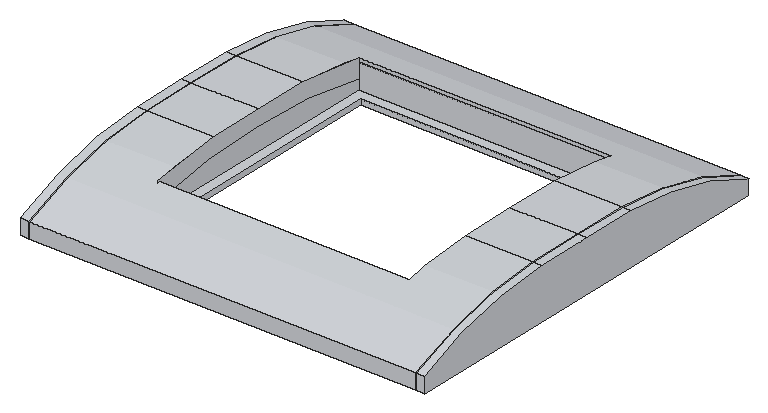
Revit family "Gira_0211395", category Electrical Fixtures, host Face, Revit 2017
Family settings
  Host = Face
  Maintain Annotation Orientation = No
  Round Connector Dimension = Use Diameter
  Part Type = Normal
  Cut with Voids When Loaded = No
  Shared = No
  Room Calculation Point = No
Parameters (values of type "Cov.fr. 1-g interm.fr. PW Gira Event Opaque mint")
  With mounting grid = "No"
  With hinged lid = "No"
  URL = "http://katalog.gira.de/en/datenblatt.html?artikelnr=0211395"
  Type of fastening = "Clamping/screw mounting"
  Transparent = "No"
  Surface protection = "Other"
  Suitable for wall duct = "No"
  Suitable for flush-mounted installation = "Yes"
  Suitable for floor box = "No"
  Suitable for built-in installation = "No"
  Number of units vertical = "1"
  Number of units horizontal = "1"
  Number of units = "1"
  Name = "Cov.fr. 1-g interm.fr. PW Gira Event Opaque mint"
  Mounting direction = "Horizontal and vertical"
  Material quality = "Thermoplastic"
  Material = "Plastic"
  Manufacturer URL = "https://www.gira.de/"
  Manufacturer = "Gira"
  Label space/information surface = "No"
  Keynote = ""
  HeinzeBIM = "https://bimportal.heinze.de/bim/cov-fr-1-g-interm-fr-pw-gira-event-opaque-mint/3801ba38ea8923e1e82b22266a210e166b19ed8b"
  Halogen free = "Yes"
  HAN = "0211395"
  GTIN = "4010337074434"
  Description = "Cov.fr.1g i.fr.PW EvOp MI,Gira Event Opaque frames,mint with pure white glossy intermediate frame,1-gang,Features:,- Shatter-proof."
  Degree of protection (IP) = "IP20"
  Default Elevation = 1219.2 mm
  Data sheet (1) = "https://katalog.gira.de/en/download.html?artikelnr=0211395"
  Colour = "Other"
  Category = "Cover frame for domestic switching devices"
  BIM (1) = "https://media.stage.bim.site/public/gira/36a6b08/Event_Rahmen_1fach.rfa"
  Available = "No"
Reference planes
  plane 1 "Center (Front/Back)": y = 0
  plane 2: z = 0
  plane 3 "Center (Left/Right)": x = 0
Forms (mm)
  Extrusion 1, solid, detail levels fine
    sketch origin (0, 0, 1.55) x (0, 1, 0) y (0, 0, 1)
      loop
        arc (12.445, 9.683) -> (6.223, 9.833) -> (0, 9.85) r 291.636
        arc (0, 9.85) -> (-6.223, 9.833) -> (-12.445, 9.683) r 291.636
        arc (-12.445, 9.683) -> (-29.14, 7.482) -> (-45, 1.823) r 79.728
        line (-45, 1.823) -> (-45, -1.55) -> (-41.777, -1.55) -> (-41.777, -0.55)
        arc (-41.777, -0.55) -> (-21.205, 4.846) -> (0, 6.467) r 118.15
        arc (0, 6.467) -> (21.205, 4.846) -> (41.777, -0.55) r 118.15
        line (41.777, -0.55) -> (41.777, -1.55) -> (45, -1.55) -> (45, 1.823)
        arc (45, 1.823) -> (29.14, 7.482) -> (12.445, 9.683) r 79.728
    from -43 to 43
  Extrusion 2, void, detail levels fine
    sketch origin (0, 0, 0) x (1, 0, 0) y (0, 1, 0)
      loop
        line (-28, -28) -> (28, -28) -> (28, 28) -> (-28, 28) -> (-28, -28)
    from 2.85 to 12
  Extrusion 3, solid, detail levels coarse
    sketch origin (0, 0, 0) x (1, 0, 0) y (0, 1, 0)
      loop
        line (-45, 45) -> (-45, -45) -> (45, -45) -> (45, 45) -> (-45, 45)
    from 0 to 11.4
  Extrusion 4, solid, detail levels medium
    sketch origin (0, 0, 1.55) x (0, 1, 0) y (0, 0, 1)
      loop
        arc (12.445, 9.683) -> (6.223, 9.833) -> (0, 9.85) r 291.636
        arc (0, 9.85) -> (-6.223, 9.833) -> (-12.445, 9.683) r 291.636
        arc (-12.445, 9.683) -> (-29.14, 7.482) -> (-45, 1.823) r 79.728
        line (-45, 1.823) -> (-45, -1.55) -> (45, -1.55) -> (45, 1.823)
        arc (45, 1.823) -> (29.14, 7.482) -> (12.445, 9.683) r 79.728
    from -45 to 45
  Extrusion 5, solid, detail levels fine
    sketch origin (0, 0, 0) x (0, 1, 0) y (0, 0, 1)
      loop
        arc (45, 3.373) -> (29.14, 9.032) -> (12.445, 11.233) r 79.728
        arc (12.445, 11.233) -> (6.223, 11.383) -> (0, 11.4) r 291.636
        arc (0, 11.4) -> (-6.223, 11.383) -> (-12.445, 11.233) r 291.636
        arc (-12.445, 11.233) -> (-29.14, 9.032) -> (-45, 3.373) r 79.728
        line (-45, 3.373) -> (-45, 0) -> (45, 0) -> (45, 3.373)
    from 43 to 45
  Extrusion 6, solid, detail levels fine
    sketch origin (0, 0, 0) x (0, 1, 0) y (0, 0, -1)
      loop
        line (45, -3.373) -> (45, 0) -> (-45, 0) -> (-45, -3.373)
        arc (-45, -3.373) -> (-29.14, -9.032) -> (-12.445, -11.233) r 79.728
        arc (-12.445, -11.233) -> (-6.223, -11.383) -> (0, -11.4) r 291.636
        arc (0, -11.4) -> (6.223, -11.383) -> (12.445, -11.233) r 291.636
        arc (12.445, -11.233) -> (29.14, -9.032) -> (45, -3.373) r 79.728
    from 43 to 45
  Extrusion 7, solid, detail levels fine
    sketch origin (0, 0, 0) x (1, 0, 0) y (0, 1, 0)
      loop
        line (-25.7, 25.7) -> (-25.7, -25.7) -> (25.7, -25.7) -> (25.7, 25.7) -> (-25.7, 25.7)
      loop
        line (-29.495, 27.895) -> (-29.495, -27.895)
        spline (-29.495, -27.895) -> (-29.486, -28.025) -> (-29.461, -28.154) -> (-29.419, -28.278) -> (-29.361, -28.395) -> (-29.288, -28.504) -> (-29.202, -28.602) -> (-29.104, -28.688) -> (-28.995, -28.761) -> (-28.878, -28.819) -> (-28.754, -28.861) -> (-28.625, -28.886) -> (-28.495, -28.895)
        line (-28.495, -28.895) -> (28.495, -28.895)
        spline (28.495, -28.895) -> (28.625, -28.886) -> (28.754, -28.861) -> (28.878, -28.819) -> (28.995, -28.761) -> (29.104, -28.688) -> (29.202, -28.602) -> (29.288, -28.504) -> (29.361, -28.395) -> (29.419, -28.278) -> (29.461, -28.154) -> (29.486, -28.025) -> (29.495, -27.895)
        line (29.495, -27.895) -> (29.495, 27.895)
        spline (29.495, 27.895) -> (29.486, 28.025) -> (29.461, 28.154) -> (29.419, 28.278) -> (29.361, 28.395) -> (29.288, 28.504) -> (29.202, 28.602) -> (29.104, 28.688) -> (28.995, 28.761) -> (28.878, 28.819) -> (28.754, 28.861) -> (28.625, 28.886) -> (28.495, 28.895)
        line (28.495, 28.895) -> (-28.495, 28.895)
        spline (-28.495, 28.895) -> (-28.625, 28.886) -> (-28.754, 28.861) -> (-28.878, 28.819) -> (-28.995, 28.761) -> (-29.104, 28.688) -> (-29.202, 28.602) -> (-29.288, 28.504) -> (-29.361, 28.395) -> (-29.419, 28.278) -> (-29.461, 28.154) -> (-29.486, 28.025) -> (-29.495, 27.895)
    from 1.673 to 8.5
Cuts and joins
  Extrusion 2 cuts Extrusion 1
  Extrusion 2 cuts Extrusion 7
Dimensions and locks
  aligned and locked: plane 2 to host face
  aligned and locked: level to host face
